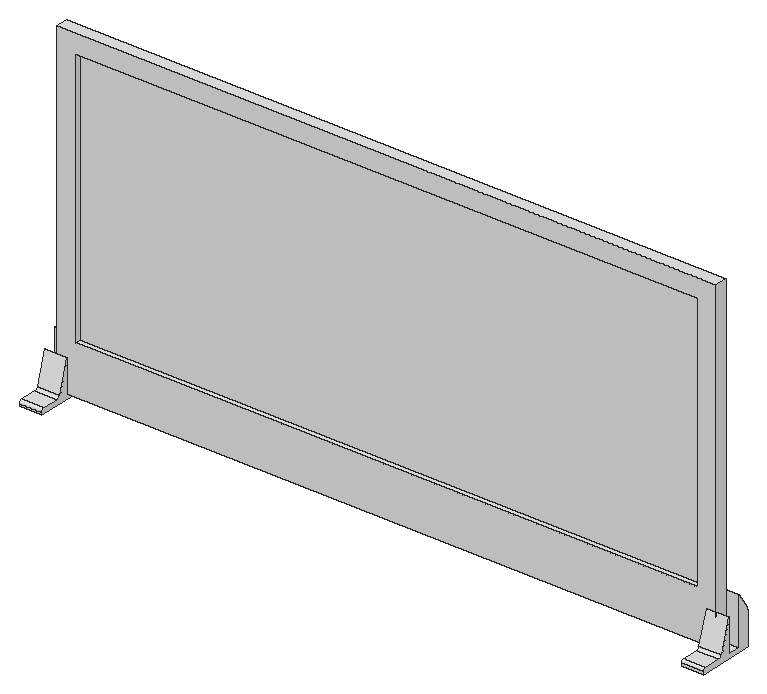
Revit family "Light_Shelf-Linear-Kawneer-InLighten", category Specialty Equipment, host Face, Revit 2015
Parameters (values of type "4mm Reynobond-ACM Panel  4 mm")
  Width [instance] = 5' - 0"
  URL = "http://www.kawneer.com/kawneer/north_america/en/home.asp"
  Type Comments = "Light Shelf 4mm Reynobond ACM Panel with a Maximum of 22 Anchors"
  Trim Finish = Aluminum Composite - Kawneer - Bone White
  Top Finish [instance] = Aluminum Composite - Kawneer - Bone White
  Show Right Anchor [instance] = 1 = 1  # yes
  Show Left Anchor [instance] = 1 = 1  # yes
  Product data url = "https://bimobject.com/kawneerna/product/04316"
  Product Page URL = "http://www.kawneer.com/kawneer/north_america/en/product.asp?cat_id=1463&prod_id=1852"
  Product Documentation Link = "http://www.kawneer.com/kawneer/north_america/catalog/pdf/InLighten__E--A.pdf"
  Panel Type = Shelf-Kawneer-4mm_Reynobond-ACM Panel : 4 mm
  Panel Finish = Aluminum Composite - Kawneer - Bone White
  Mullion Distance [instance] = 6' - 0"
  Model = "InLighten"  # constant formula
  Manufacturer = "Kawneer "  # constant formula
  Has Same Mullion Distance [instance] = yes
  Description = "Light Shelf with a Maximum of 22 Anchors"  # constant formula
  Depth [instance] = 2' - 6"
  Default Elevation = 4' - 0"
  Copyright © = "2012 Kawneer "  # constant formula
  CTRL Mullion Distance [instance] = if(Mullion Distance > 5' 0", 5' 0", Mullion Distance)  # 5' - 0"
  CTRL Anchor 21 Distance [instance] = if(CTRL Anchor Count < 23, 0' 0", if(Has Same Mullion Distance, CTRL Mullion Distance, Anchor 21 Distance))  # 0' - 0"
  CTRL Anchor 20 Distance [instance] = if(CTRL Anchor Count < 22, 0' 0", if(Has Same Mullion Distance, CTRL Mullion Distance, Anchor 20 Distance))  # 0' - 0"
  CTRL Anchor 19 Distance [instance] = if(CTRL Anchor Count < 21, 0' 0", if(Has Same Mullion Distance, CTRL Mullion Distance, Anchor 19 Distance))  # 0' - 0"
  CTRL Anchor 18 Distance [instance] = if(CTRL Anchor Count < 20, 0' 0", if(Has Same Mullion Distance, CTRL Mullion Distance, Anchor 18 Distance))  # 0' - 0"
  CTRL Anchor 17 Distance [instance] = if(CTRL Anchor Count < 19, 0' 0", if(Has Same Mullion Distance, CTRL Mullion Distance, Anchor 17 Distance))  # 0' - 0"
  CTRL Anchor 16 Distance [instance] = if(CTRL Anchor Count < 18, 0' 0", if(Has Same Mullion Distance, CTRL Mullion Distance, Anchor 16 Distance))  # 0' - 0"
  CTRL Anchor 15 Distance [instance] = if(CTRL Anchor Count < 17, 0' 0", if(Has Same Mullion Distance, CTRL Mullion Distance, Anchor 15 Distance))  # 0' - 0"
  CTRL Anchor 14 Distance [instance] = if(CTRL Anchor Count < 16, 0' 0", if(Has Same Mullion Distance, CTRL Mullion Distance, Anchor 14 Distance))  # 0' - 0"
  CTRL Anchor 13 Distance [instance] = if(CTRL Anchor Count < 15, 0' 0", if(Has Same Mullion Distance, CTRL Mullion Distance, Anchor 13 Distance))  # 0' - 0"
  CTRL Anchor 12 Distance [instance] = if(CTRL Anchor Count < 14, 0' 0", if(Has Same Mullion Distance, CTRL Mullion Distance, Anchor 12 Distance))  # 0' - 0"
  CTRL Anchor 11 Distance [instance] = if(CTRL Anchor Count < 13, 0' 0", if(Has Same Mullion Distance, CTRL Mullion Distance, Anchor 11 Distance))  # 0' - 0"
  CTRL Anchor 10 Distance [instance] = if(CTRL Anchor Count < 12, 0' 0", if(Has Same Mullion Distance, CTRL Mullion Distance, Anchor 10 Distance))  # 0' - 0"
  CTRL Anchor 09 Distance [instance] = if(CTRL Anchor Count < 11, 0' 0", if(Has Same Mullion Distance, CTRL Mullion Distance, Anchor 09 Distance))  # 0' - 0"
  CTRL Anchor 08 Distance [instance] = if(CTRL Anchor Count < 10, 0' 0", if(Has Same Mullion Distance, CTRL Mullion Distance, Anchor 08 Distance))  # 0' - 0"
  CTRL Anchor 07 Distance [instance] = if(CTRL Anchor Count < 9, 0' 0", if(Has Same Mullion Distance, CTRL Mullion Distance, Anchor 07 Distance))  # 0' - 0"
  CTRL Anchor 06 Distance [instance] = if(CTRL Anchor Count < 8, 0' 0", if(Has Same Mullion Distance, CTRL Mullion Distance, Anchor 06 Distance))  # 0' - 0"
  CTRL Anchor 05 Distance [instance] = if(CTRL Anchor Count < 7, 0' 0", if(Has Same Mullion Distance, CTRL Mullion Distance, Anchor 05 Distance))  # 0' - 0"
  CTRL Anchor 04 Distance [instance] = if(CTRL Anchor Count < 6, 0' 0", if(Has Same Mullion Distance, CTRL Mullion Distance, Anchor 04 Distance))  # 0' - 0"
  CTRL Anchor 03 Distance [instance] = if(CTRL Anchor Count < 5, 0' 0", if(Has Same Mullion Distance, CTRL Mullion Distance, Anchor 03 Distance))  # 0' - 0"
  CTRL Anchor 02 Distance [instance] = if(CTRL Anchor Count < 4, 0' 0", if(Has Same Mullion Distance, CTRL Mullion Distance, Anchor 02 Distance))  # 0' - 0"
  CTRL Anchor 01 Distance [instance] = if(CTRL Anchor Count < 3, Width, if(Has Same Mullion Distance, CTRL Mullion Distance, Anchor 01 Distance))  # 5' - 0"
  Bracket Material = Aluminum Composite - Kawneer - Bone White
  Bottom Finish [instance] = Aluminum Composite - Kawneer - Bone White
  CTRL Anchor Count [instance] = (Width / CTRL Mullion Distance) + 2  # 3
  Anchor Count [instance] = CTRL Anchor Count - 1  # 2
  Anchor 21 Distance [instance] = 0' - 0"
  Anchor 20 Distance [instance] = 0' - 0"
  Anchor 19 Distance [instance] = 0' - 0"
  Anchor 18 Distance [instance] = 0' - 0"
  Anchor 17 Distance [instance] = 0' - 0"
  Anchor 16 Distance [instance] = 0' - 0"
  Anchor 15 Distance [instance] = 0' - 0"
  Anchor 14 Distance [instance] = 0' - 0"
  Anchor 13 Distance [instance] = 0' - 0"
  Anchor 12 Distance [instance] = 0' - 0"
  Anchor 11 Distance [instance] = 0' - 0"
  Anchor 10 Distance [instance] = 0' - 0"
  Anchor 09 Distance [instance] = 0' - 0"
  Anchor 08 Distance [instance] = 0' - 0"
  Anchor 07 Distance [instance] = 0' - 0"
  Anchor 06 Distance [instance] = 0' - 0"
  Anchor 05 Distance [instance] = 0' - 0"
  Anchor 04 Distance [instance] = 0' - 0"
  Anchor 03 Distance [instance] = 0' - 0"
  Anchor 02 Distance [instance] = 0' - 0"
  Anchor 01 Distance [instance] = 2' - 5 9/16"
Reference planes (in)
  plane 1 "Center (Front/Back)": y = 0
  plane 2: z = 0
  plane 3 "Center (Left/Right)": x = 3.30772
  plane 4 "Bracket Bottom": z = 0
  plane 5 "Arm_Center-(T/B)": z = 30
  plane 6 "Left": x = -722.69228
  plane 7 "Right": x = 664.30772
  plane 8 "Bracket_Center-(L/R)-Left": x = 3.30772
  plane 9 "Bracket_Center-(L/R)-Right": x = 63.30772
  plane 10 "Bracket Set 1": x = 63.30772
  plane 11 "Bracket Set 20": x = 63.30772
  plane 12 "Bracket Set 2": x = 63.30772
  plane 13 "Bracket Set 3": x = 63.30772
  plane 14 "Bracket Set 4": x = 63.30772
  plane 15 "Bracket Set 5": x = 63.30772
  plane 16 "Bracket Set 6": x = 63.30772
  plane 17 "Bracket Set 7": x = 63.30772
  plane 18 "Bracket Set 8": x = 63.30772
  plane 19 "Bracket Set 9": x = 63.30772
  plane 20 "Bracket Set 10": x = 63.30772
  plane 21 "Bracket Set 11": x = 63.30772
  plane 22 "Bracket Set 12": x = 63.30772
  plane 23 "Bracket Set 13": x = 63.30772
  plane 24 "Bracket Set 14": x = 63.30772
  plane 25 "Bracket Set 15": x = 63.30772
  plane 26 "Bracket Set 16": x = 63.30772
  plane 27 "Bracket Set 17": x = 63.30772
  plane 28 "Bracket Set 18": x = 63.30772
  plane 29 "Bracket Set 19": x = 63.30772
  plane 30 "Bracket Set 21": x = 63.30772
  plane 31: z = 0.4519
Dimensions and locks (in)
  locked: plane 4 "Bracket Bottom" to plane 2 at 0
  "Width": plane 8 "Bracket_Center-(L/R)-Left" to plane 9 "Bracket_Center-(L/R)-Right"
  "CTRL Anchor 01 Distance": plane 8 "Bracket_Center-(L/R)-Left" to plane 10 "Bracket Set 1"
  "CTRL Anchor 02 Distance": plane 10 "Bracket Set 1" to plane 12 "Bracket Set 2"
  "CTRL Anchor 03 Distance": plane 12 "Bracket Set 2" to plane 13 "Bracket Set 3"
  "CTRL Anchor 04 Distance": plane 13 "Bracket Set 3" to plane 14 "Bracket Set 4"
  "CTRL Anchor 05 Distance": plane 14 "Bracket Set 4" to plane 15 "Bracket Set 5"
  "CTRL Anchor 06 Distance": plane 15 "Bracket Set 5" to plane 16 "Bracket Set 6"
  "CTRL Anchor 07 Distance": plane 16 "Bracket Set 6" to plane 17 "Bracket Set 7"
  "CTRL Anchor 08 Distance": plane 17 "Bracket Set 7" to plane 18 "Bracket Set 8"
  "CTRL Anchor 09 Distance": plane 18 "Bracket Set 8" to plane 19 "Bracket Set 9"
  "CTRL Anchor 10 Distance": plane 19 "Bracket Set 9" to plane 20 "Bracket Set 10"
  "CTRL Anchor 11 Distance": plane 20 "Bracket Set 10" to plane 21 "Bracket Set 11"
  "CTRL Anchor 12 Distance": plane 21 "Bracket Set 11" to plane 22 "Bracket Set 12"
  "CTRL Anchor 13 Distance": plane 22 "Bracket Set 12" to plane 23 "Bracket Set 13"
  "CTRL Anchor 14 Distance": plane 23 "Bracket Set 13" to plane 24 "Bracket Set 14"
  "CTRL Anchor 15 Distance": plane 24 "Bracket Set 14" to plane 25 "Bracket Set 15"
  "CTRL Anchor 16 Distance": plane 25 "Bracket Set 15" to plane 26 "Bracket Set 16"
  "CTRL Anchor 17 Distance": plane 26 "Bracket Set 16" to plane 27 "Bracket Set 17"
  "CTRL Anchor 18 Distance": plane 27 "Bracket Set 17" to plane 28 "Bracket Set 18"
  "CTRL Anchor 19 Distance": plane 28 "Bracket Set 18" to plane 29 "Bracket Set 19"
  "CTRL Anchor 20 Distance": plane 29 "Bracket Set 19" to plane 11 "Bracket Set 20"
  "CTRL Anchor 21 Distance": plane 11 "Bracket Set 20" to plane 30 "Bracket Set 21"
  "Depth": plane 5 "Arm_Center-(T/B)" to plane 4 "Bracket Bottom"
  locked: plane 31 to plane 4 "Bracket Bottom" at 0.4519
  aligned and locked: host face to plane 2
  aligned and locked: host face to level
  aligned and locked: plane 4 "Bracket Bottom" to nested 2
  aligned: plane 1 "Center (Front/Back)" to nested 2
  aligned and locked: nested 2 to plane 8 "Bracket_Center-(L/R)-Left"
  aligned and locked: nested 3 to plane 10 "Bracket Set 1"
  aligned and locked: nested 4 to plane 12 "Bracket Set 2"
  aligned and locked: nested 5 to plane 13 "Bracket Set 3"
  aligned and locked: nested 7 to plane 15 "Bracket Set 5"
  aligned and locked: nested 8 to plane 16 "Bracket Set 6"
  aligned and locked: nested 9 to plane 17 "Bracket Set 7"
  aligned and locked: nested 10 to plane 18 "Bracket Set 8"
  aligned and locked: nested 11 to plane 19 "Bracket Set 9"
  aligned and locked: nested 12 to plane 20 "Bracket Set 10"
  aligned and locked: nested 13 to plane 21 "Bracket Set 11"
  aligned and locked: nested 14 to plane 22 "Bracket Set 12"
  aligned and locked: nested 15 to plane 23 "Bracket Set 13"
  aligned and locked: nested 16 to plane 24 "Bracket Set 14"
  aligned and locked: nested 17 to plane 25 "Bracket Set 15"
  aligned and locked: nested 18 to plane 26 "Bracket Set 16"
  aligned and locked: nested 19 to plane 27 "Bracket Set 17"
  aligned and locked: nested 20 to plane 28 "Bracket Set 18"
  aligned and locked: nested 21 to plane 29 "Bracket Set 19"
  aligned and locked: nested 22 to plane 11 "Bracket Set 20"
  aligned and locked: plane 4 "Bracket Bottom" to nested 3
  aligned and locked: plane 4 "Bracket Bottom" to nested 4
  aligned and locked: plane 4 "Bracket Bottom" to nested 5
  aligned and locked: plane 4 "Bracket Bottom" to nested 6
  aligned and locked: plane 4 "Bracket Bottom" to nested 7
  aligned and locked: plane 4 "Bracket Bottom" to nested 8
  aligned and locked: plane 4 "Bracket Bottom" to nested 9
  aligned and locked: plane 4 "Bracket Bottom" to nested 10
  aligned and locked: plane 4 "Bracket Bottom" to nested 11
  aligned and locked: plane 4 "Bracket Bottom" to nested 12
  aligned and locked: plane 4 "Bracket Bottom" to nested 13
  aligned and locked: plane 4 "Bracket Bottom" to nested 14
  aligned and locked: plane 4 "Bracket Bottom" to nested 15
  aligned and locked: plane 4 "Bracket Bottom" to nested 16
  aligned and locked: plane 4 "Bracket Bottom" to nested 17
  aligned and locked: plane 4 "Bracket Bottom" to nested 18
  aligned and locked: plane 4 "Bracket Bottom" to nested 19
  aligned and locked: plane 4 "Bracket Bottom" to nested 20
  aligned and locked: plane 4 "Bracket Bottom" to nested 21
  aligned and locked: plane 4 "Bracket Bottom" to nested 22
  aligned and locked: nested 23 to plane 30 "Bracket Set 21"
  aligned: plane 1 "Center (Front/Back)" to nested 23
  aligned: plane 1 "Center (Front/Back)" to nested 22
  aligned: plane 1 "Center (Front/Back)" to nested 21
  aligned: plane 1 "Center (Front/Back)" to nested 20
  aligned: plane 1 "Center (Front/Back)" to nested 19
  aligned: plane 1 "Center (Front/Back)" to nested 18
  aligned: plane 1 "Center (Front/Back)" to nested 17
  aligned: plane 1 "Center (Front/Back)" to nested 16
  aligned: plane 1 "Center (Front/Back)" to nested 15
  aligned: plane 1 "Center (Front/Back)" to nested 14
  aligned: plane 3 "Center (Left/Right)" to nested 1
  aligned: plane 1 "Center (Front/Back)" to nested 1
  aligned: plane 5 "Arm_Center-(T/B)" to nested 1
  aligned and locked: plane 1 "Center (Front/Back)" to nested 23
  aligned and locked: plane 1 "Center (Front/Back)" to nested 22
  aligned and locked: plane 1 "Center (Front/Back)" to nested 21
  aligned and locked: plane 1 "Center (Front/Back)" to nested 20
  aligned and locked: plane 1 "Center (Front/Back)" to nested 19
  aligned and locked: plane 1 "Center (Front/Back)" to nested 18
  aligned and locked: plane 1 "Center (Front/Back)" to nested 17
  aligned and locked: plane 1 "Center (Front/Back)" to nested 16
  aligned and locked: plane 1 "Center (Front/Back)" to nested 15
  aligned and locked: plane 1 "Center (Front/Back)" to nested 14
  aligned and locked: plane 1 "Center (Front/Back)" to nested 13
  aligned and locked: plane 1 "Center (Front/Back)" to nested 12
  aligned and locked: plane 1 "Center (Front/Back)" to nested 11
  aligned and locked: plane 1 "Center (Front/Back)" to nested 10
  aligned and locked: plane 1 "Center (Front/Back)" to nested 9
  aligned and locked: plane 1 "Center (Front/Back)" to nested 8
  aligned and locked: plane 1 "Center (Front/Back)" to nested 7
  aligned: plane 1 "Center (Front/Back)" to nested 6
  aligned and locked: plane 1 "Center (Front/Back)" to nested 5
  aligned and locked: plane 1 "Center (Front/Back)" to nested 4
  aligned and locked: plane 1 "Center (Front/Back)" to nested 3
  aligned and locked: plane 1 "Center (Front/Back)" to nested 2
  aligned and locked: plane 31 to nested 1
  aligned: plane 8 "Bracket_Center-(L/R)-Left" to nested 1
  aligned: nested 1 to plane 10 "Bracket Set 1"
  aligned and locked: plane 30 "Bracket Set 21" to nested 43
  aligned and locked: plane 1 "Center (Front/Back)" to nested 43
  aligned and locked: plane 11 "Bracket Set 20" to nested 42
  aligned and locked: plane 1 "Center (Front/Back)" to nested 42
  aligned and locked: plane 29 "Bracket Set 19" to nested 41
  aligned and locked: plane 1 "Center (Front/Back)" to nested 41
  aligned and locked: plane 28 "Bracket Set 18" to nested 40
  aligned and locked: plane 1 "Center (Front/Back)" to nested 40
  aligned and locked: plane 27 "Bracket Set 17" to nested 39
  aligned and locked: plane 1 "Center (Front/Back)" to nested 39
  aligned and locked: plane 26 "Bracket Set 16" to nested 38
  aligned and locked: plane 1 "Center (Front/Back)" to nested 38
  aligned and locked: plane 25 "Bracket Set 15" to nested 37
  aligned and locked: plane 1 "Center (Front/Back)" to nested 37
  aligned and locked: plane 24 "Bracket Set 14" to nested 36
  aligned and locked: plane 1 "Center (Front/Back)" to nested 36
  aligned and locked: plane 23 "Bracket Set 13" to nested 35
  aligned and locked: plane 1 "Center (Front/Back)" to nested 35
  aligned and locked: plane 22 "Bracket Set 12" to nested 34
  aligned and locked: plane 1 "Center (Front/Back)" to nested 34
  aligned and locked: plane 21 "Bracket Set 11" to nested 33
  aligned and locked: plane 1 "Center (Front/Back)" to nested 33
  aligned and locked: plane 20 "Bracket Set 10" to nested 32
  aligned and locked: plane 1 "Center (Front/Back)" to nested 32
  aligned and locked: plane 19 "Bracket Set 9" to nested 31
  aligned and locked: plane 1 "Center (Front/Back)" to nested 31
  aligned and locked: plane 18 "Bracket Set 8" to nested 30
  aligned and locked: plane 1 "Center (Front/Back)" to nested 30
  aligned and locked: plane 17 "Bracket Set 7" to nested 29
  aligned and locked: plane 1 "Center (Front/Back)" to nested 29
  aligned and locked: plane 16 "Bracket Set 6" to nested 28
  aligned and locked: plane 1 "Center (Front/Back)" to nested 28
  aligned and locked: plane 15 "Bracket Set 5" to nested 27
  aligned and locked: plane 1 "Center (Front/Back)" to nested 27
  aligned and locked: plane 14 "Bracket Set 4" to nested 26
  aligned and locked: plane 1 "Center (Front/Back)" to nested 26
  aligned and locked: plane 13 "Bracket Set 3" to nested 25
  aligned and locked: plane 1 "Center (Front/Back)" to nested 25
  aligned and locked: plane 12 "Bracket Set 2" to nested 24
  aligned and locked: plane 1 "Center (Front/Back)" to nested 24
  aligned and locked: plane 10 "Bracket Set 1" to nested 1
  aligned and locked: plane 1 "Center (Front/Back)" to nested 1
  aligned and locked: nested 6 to plane 14 "Bracket Set 4"
  aligned and locked: plane 1 "Center (Front/Back)" to nested 6
  aligned and locked: plane 3 "Center (Left/Right)" to plane 8 "Bracket_Center-(L/R)-Left"
Automatic sketch dimensions
  host sketch curve to host sketch curve = 6' - 5.20427"
  host sketch curve to host sketch curve = 8' - 0"
Nested families (in)
  nested 1: "Shelf-Kawneer-4mm_Reynobond-ACM Panel" at (33.30772, 0, 0.4519), Height <- "Depth", Width <- "CTRL Anchor 01 Distance", type <- "Panel Type", type "4 mm"
    with Width 5' - 0", Height 2' - 6", CTRL Width 4' - 11 3/4", CTRL Panel Visibility yes, CTRL Height 2' - 5 9/16"
  nested 2: "Bracket-Kawnee" at (3.30772, -0.875, 0), visible <- "Show Left Anchor", type "Single"
    with Height 0' - 5"
  nested 3: "Bracket-Kawnee" at (63.30772, -0.875, 0), type "Single"
    with Height 0' - 5"
  nested 4: "Bracket-Kawnee" at (63.30772, -0.875, 0), type "Single"
    with Height 0' - 5"
  nested 5: "Bracket-Kawnee" at (63.30772, -0.875, 0), type "Single"
    with Height 0' - 5"
  nested 6: "Bracket-Kawnee" at (63.30772, -0.875, 0), type "Single"
    with Height 0' - 5"
  nested 7: "Bracket-Kawnee" at (63.30772, -0.875, 0), type "Single"
    with Height 0' - 5"
  nested 8: "Bracket-Kawnee" at (63.30772, -0.875, 0), type "Single"
    with Height 0' - 5"
  nested 9: "Bracket-Kawnee" at (63.30772, -0.875, 0), type "Single"
    with Height 0' - 5"
  nested 10: "Bracket-Kawnee" at (63.30772, -0.875, 0), type "Single"
    with Height 0' - 5"
  nested 11: "Bracket-Kawnee" at (63.30772, -0.875, 0), type "Single"
    with Height 0' - 5"
  nested 12: "Bracket-Kawnee" at (63.30772, -0.875, 0), type "Single"
    with Height 0' - 5"
  nested 13: "Bracket-Kawnee" at (63.30772, -0.875, 0), type "Single"
    with Height 0' - 5"
  nested 14: "Bracket-Kawnee" at (63.30772, -0.875, 0), type "Single"
    with Height 0' - 5"
  nested 15: "Bracket-Kawnee" at (63.30772, -0.875, 0), type "Single"
    with Height 0' - 5"
  nested 16: "Bracket-Kawnee" at (63.30772, -0.875, 0), type "Single"
    with Height 0' - 5"
  nested 17: "Bracket-Kawnee" at (63.30772, -0.875, 0), type "Single"
    with Height 0' - 5"
  nested 18: "Bracket-Kawnee" at (63.30772, -0.875, 0), type "Single"
    with Height 0' - 5"
  nested 19: "Bracket-Kawnee" at (63.30772, -0.875, 0), type "Single"
    with Height 0' - 5"
  nested 20: "Bracket-Kawnee" at (63.30772, -0.875, 0), type "Single"
    with Height 0' - 5"
  nested 21: "Bracket-Kawnee" at (63.30772, -0.875, 0), type "Single"
    with Height 0' - 5"
  nested 22: "Bracket-Kawnee" at (63.30772, -0.875, 0), type "Single"
    with Height 0' - 5"
  nested 23: "Bracket-Kawnee" at (63.30772, -0.875, 0), visible <- "Show Right Anchor", type "Single"
    with Height 0' - 5"
  nested 24: "Shelf-Kawneer-16mm_Multi-Layer-Extruded-Polycarbonate-Sheet" at (61.43272, 0, 0.4519), Height <- "Depth", Width <- "CTRL Anchor 02 Distance", type "16 mm"
    with Width 0' - 0", Height 2' - 6", CTRL Width 0' - 3 1/2", CTRL Panel Visibility no, CTRL Height 2' - 5 9/16"
  nested 25: "Shelf-Kawneer-16mm_Multi-Layer-Extruded-Polycarbonate-Sheet" at (61.43272, 0, 0.4519), Height <- "Depth", Width <- "CTRL Anchor 03 Distance", type "16 mm"
    with Width 0' - 0", Height 2' - 6", CTRL Width 0' - 3 1/2", CTRL Panel Visibility no, CTRL Height 2' - 5 9/16"
  nested 26: "Shelf-Kawneer-16mm_Multi-Layer-Extruded-Polycarbonate-Sheet" at (61.43272, 0, 0.4519), Height <- "Depth", Width <- "CTRL Anchor 04 Distance", type "16 mm"
    with Width 0' - 0", Height 2' - 6", CTRL Width 0' - 3 1/2", CTRL Panel Visibility no, CTRL Height 2' - 5 9/16"
  nested 27: "Shelf-Kawneer-16mm_Multi-Layer-Extruded-Polycarbonate-Sheet" at (61.43272, 0, 0.4519), Height <- "Depth", Width <- "CTRL Anchor 05 Distance", type "16 mm"
    with Width 0' - 0", Height 2' - 6", CTRL Width 0' - 3 1/2", CTRL Panel Visibility no, CTRL Height 2' - 5 9/16"
  nested 28: "Shelf-Kawneer-16mm_Multi-Layer-Extruded-Polycarbonate-Sheet" at (61.43272, 0, 0.4519), Height <- "Depth", Width <- "CTRL Anchor 06 Distance", type "16 mm"
    with Width 0' - 0", Height 2' - 6", CTRL Width 0' - 3 1/2", CTRL Panel Visibility no, CTRL Height 2' - 5 9/16"
  nested 29: "Shelf-Kawneer-16mm_Multi-Layer-Extruded-Polycarbonate-Sheet" at (61.43272, 0, 0.4519), Height <- "Depth", Width <- "CTRL Anchor 07 Distance", type "16 mm"
    with Width 0' - 0", Height 2' - 6", CTRL Width 0' - 3 1/2", CTRL Panel Visibility no, CTRL Height 2' - 5 9/16"
  nested 30: "Shelf-Kawneer-16mm_Multi-Layer-Extruded-Polycarbonate-Sheet" at (61.43272, 0, 0.4519), Height <- "Depth", Width <- "CTRL Anchor 08 Distance", type "16 mm"
    with Width 0' - 0", Height 2' - 6", CTRL Width 0' - 3 1/2", CTRL Panel Visibility no, CTRL Height 2' - 5 9/16"
  nested 31: "Shelf-Kawneer-16mm_Multi-Layer-Extruded-Polycarbonate-Sheet" at (61.43272, 0, 0.4519), Height <- "Depth", Width <- "CTRL Anchor 09 Distance", type "16 mm"
    with Width 0' - 0", Height 2' - 6", CTRL Width 0' - 3 1/2", CTRL Panel Visibility no, CTRL Height 2' - 5 9/16"
  nested 32: "Shelf-Kawneer-16mm_Multi-Layer-Extruded-Polycarbonate-Sheet" at (61.43272, 0, 0.4519), Height <- "Depth", Width <- "CTRL Anchor 10 Distance", type "16 mm"
    with Width 0' - 0", Height 2' - 6", CTRL Width 0' - 3 1/2", CTRL Panel Visibility no, CTRL Height 2' - 5 9/16"
  nested 33: "Shelf-Kawneer-16mm_Multi-Layer-Extruded-Polycarbonate-Sheet" at (61.43272, 0, 0.4519), Height <- "Depth", Width <- "CTRL Anchor 11 Distance", type "16 mm"
    with Width 0' - 0", Height 2' - 6", CTRL Width 0' - 3 1/2", CTRL Panel Visibility no, CTRL Height 2' - 5 9/16"
  nested 34: "Shelf-Kawneer-16mm_Multi-Layer-Extruded-Polycarbonate-Sheet" at (61.43272, 0, 0.4519), Height <- "Depth", Width <- "CTRL Anchor 12 Distance", type "16 mm"
    with Width 0' - 0", Height 2' - 6", CTRL Width 0' - 3 1/2", CTRL Panel Visibility no, CTRL Height 2' - 5 9/16"
  nested 35: "Shelf-Kawneer-16mm_Multi-Layer-Extruded-Polycarbonate-Sheet" at (61.43272, 0, 0.4519), Height <- "Depth", Width <- "CTRL Anchor 13 Distance", type "16 mm"
    with Width 0' - 0", Height 2' - 6", CTRL Width 0' - 3 1/2", CTRL Panel Visibility no, CTRL Height 2' - 5 9/16"
  nested 36: "Shelf-Kawneer-16mm_Multi-Layer-Extruded-Polycarbonate-Sheet" at (61.43272, 0, 0.4519), Height <- "Depth", Width <- "CTRL Anchor 14 Distance", type "16 mm"
    with Width 0' - 0", Height 2' - 6", CTRL Width 0' - 3 1/2", CTRL Panel Visibility no, CTRL Height 2' - 5 9/16"
  nested 37: "Shelf-Kawneer-16mm_Multi-Layer-Extruded-Polycarbonate-Sheet" at (61.43272, 0, 0.4519), Height <- "Depth", Width <- "CTRL Anchor 15 Distance", type "16 mm"
    with Width 0' - 0", Height 2' - 6", CTRL Width 0' - 3 1/2", CTRL Panel Visibility no, CTRL Height 2' - 5 9/16"
  nested 38: "Shelf-Kawneer-16mm_Multi-Layer-Extruded-Polycarbonate-Sheet" at (61.43272, 0, 0.4519), Height <- "Depth", Width <- "CTRL Anchor 16 Distance", type "16 mm"
    with Width 0' - 0", Height 2' - 6", CTRL Width 0' - 3 1/2", CTRL Panel Visibility no, CTRL Height 2' - 5 9/16"
  nested 39: "Shelf-Kawneer-16mm_Multi-Layer-Extruded-Polycarbonate-Sheet" at (61.43272, 0, 0.4519), Height <- "Depth", Width <- "CTRL Anchor 17 Distance", type "16 mm"
    with Width 0' - 0", Height 2' - 6", CTRL Width 0' - 3 1/2", CTRL Panel Visibility no, CTRL Height 2' - 5 9/16"
  nested 40: "Shelf-Kawneer-16mm_Multi-Layer-Extruded-Polycarbonate-Sheet" at (61.43272, 0, 0.4519), Height <- "Depth", Width <- "CTRL Anchor 18 Distance", type "16 mm"
    with Width 0' - 0", Height 2' - 6", CTRL Width 0' - 3 1/2", CTRL Panel Visibility no, CTRL Height 2' - 5 9/16"
  nested 41: "Shelf-Kawneer-16mm_Multi-Layer-Extruded-Polycarbonate-Sheet" at (61.43272, 0, 0.4519), Height <- "Depth", Width <- "CTRL Anchor 19 Distance", type "16 mm"
    with Width 0' - 0", Height 2' - 6", CTRL Width 0' - 3 1/2", CTRL Panel Visibility no, CTRL Height 2' - 5 9/16"
  nested 42: "Shelf-Kawneer-16mm_Multi-Layer-Extruded-Polycarbonate-Sheet" at (61.43272, 0, 0.4519), Height <- "Depth", Width <- "CTRL Anchor 20 Distance", type "16 mm"
    with Width 0' - 0", Height 2' - 6", CTRL Width 0' - 3 1/2", CTRL Panel Visibility no, CTRL Height 2' - 5 9/16"
  nested 43: "Shelf-Kawneer-16mm_Multi-Layer-Extruded-Polycarbonate-Sheet" at (61.43272, 0, 0.4519), Height <- "Depth", Width <- "CTRL Anchor 21 Distance", type "16 mm"
    with Width 0' - 0", Height 2' - 6", CTRL Width 0' - 3 1/2", CTRL Panel Visibility no, CTRL Height 2' - 5 9/16"
Definition of nested family "Shelf-Kawneer-4mm_Reynobond-ACM Panel"
  Parameters
    Width [instance] = 2' - 6"
    Top Shelf Material = none
    Thickness = 0' - 1 23/256"  # constant formula
    Shelf Casing Material = none
    Height [instance] = 2' - 6"
    Shelf Thickness = 0' - 0 5/32"
    CTRL Panel Visibility [instance] = Width > 0' 3 1/2"  # yes
    Bottom Shelf Materials = none
    CTRL Width [instance] = if(Width > 5' 0", 5' 0", if(Width < 0' 3 1/2", 0' 3 1/2", Width - 0' 0 1/4"))  # 2' - 5 3/4"
    CTRL Height [instance] = if(Height > 2' 6", 2' 6" - 0' 0 7/16", if(Height < 0' 10", 0' 10" - 0' 0 7/16", Height - 0' 0 7/16"))  # 2' - 5 9/16"
  Reference planes (in)
    plane 1 "Center (Front/Back)": y = 0
    plane 2 "Original Bottom": z = 0
    plane 3 "Center (Left/Right)": x = 0
    plane 4 "Left 1": x = -14.875
    plane 5 "Right 1": x = 14.875
    plane 6 "Front": y = -0.54492
    plane 7 "Back": y = 0.54492
    plane 8 "Top": z = 29.5625
    plane 9 "Bottom": z = 15
    plane 10 "Back of Fascia": z = 27.9155
    plane 11 "Front of Hinge": z = 4.4472
    plane 12 "Left of Right Outrigger": x = 13.228
    plane 13 "Right of Left Outrigger": x = -13.228
    plane 14 "Front of Shelf": y = -0.07813
    plane 15 "Back of Shelf": y = 0.07812
    plane 16 "Left": x = -15
    plane 17 "Right": x = 15
  Forms (in)
    Extrusion 1, solid, material <- "Shelf Casing Material", visible <- "CTRL Panel Visibility", detail levels medium+fine
      sketch origin (0, -0.54492, 0) x (-1, 0, 0) y (0, 0, 1)
        loop
          line (-14.875, 29.5625) -> (-14.875, 0) -> (14.875, 0) -> (14.875, 29.5625) -> (-14.875, 29.5625)
        loop
          line (-13.228, 27.9155) -> (-13.228, 4.4472) -> (13.228, 4.4472) -> (13.228, 27.9155) -> (-13.228, 27.9155)
      from 0 to 1.08984
    Extrusion 2, solid, material <- "Top Shelf Material", visible <- "CTRL Panel Visibility", detail levels medium+fine
      sketch origin (0, -0.54492, 0) x (-1, 0, 0) y (0, 0, 1)
        loop
          line (-13.228, 27.9155) -> (-13.228, 4.4472) -> (13.228, 4.4472) -> (13.228, 27.9155) -> (-13.228, 27.9155)
      from 0.4668 to 0.54492
    Extrusion 3, solid, material <- "Bottom Shelf Materials", visible <- "CTRL Panel Visibility", detail levels medium+fine
      sketch origin (0, -0.54492, 0) x (-1, 0, 0) y (0, 0, 1)
        loop
          line (-13.228, 27.9155) -> (-13.228, 4.4472) -> (13.228, 4.4472) -> (13.228, 27.9155) -> (-13.228, 27.9155)
      from 0.54492 to 0.62305
  Lines and regions (in)
    Masking region 1, visible <- "CTRL Panel Visibility"
      outline origin (0, 0, 0) x (0, 1, 0) y (0, 0, 1)
        loop
          line (0.54492, 29.5625) -> (-0.54492, 29.5625) -> (-0.54492, 0) -> (0.54492, 0) -> (0.54492, 29.5625)
    Masking region 2, visible <- "CTRL Panel Visibility"
      outline origin (0, 0, 0) x (1, 0, 0) y (0, 1, 0)
        loop
          line (14.875, 0.54492) -> (-14.875, 0.54492) -> (-14.875, -0.54492) -> (14.875, -0.54492) -> (14.875, 0.54492)
    Masking region 3, visible <- "CTRL Panel Visibility"
      outline origin (0, 0, 0) x (1, 0, 0) y (0, 0, 1)
        loop
          line (14.875, 29.5625) -> (-14.875, 29.5625) -> (-14.875, 0) -> (14.875, 0) -> (14.875, 29.5625)
    Masking region 4, visible <- "CTRL Panel Visibility"
      outline origin (14.875, 0, 0) x (0, -1, 0) y (0, 0, 1)
        loop
          line (-0.54492, 29.5625) -> (-0.54492, 0) -> (0.54492, 0) -> (0.54492, 29.5625) -> (-0.54492, 29.5625)
    Masking region 5, visible <- "CTRL Panel Visibility", detail levels medium+fine
      outline origin (14.875, 0, 0) x (0, -1, 0) y (0, 0, 1)
        loop
          line (-0.07812, 27.9155) -> (-0.07812, 4.4472) -> (0.07813, 4.4472) -> (0.07813, 27.9155) -> (-0.07812, 27.9155)
    symbolic lines, visible <- "CTRL Panel Visibility"
      curve 1: line (0, 0.54492, 29.5625) -> (0, -0.54492, 29.5625)
      curve 2: line (0, -0.54492, 29.5625) -> (0, -0.54492, 0)
      curve 3: line (0, -0.54492, 0) -> (0, 0.54492, 0)
      curve 4: line (0, 0.54492, 0) -> (0, 0.54492, 29.5625)
      curve 5: line (-14.875, 0.54492, 29.5625) -> (-14.875, -0.54492, 29.5625)
      curve 6: line (-14.875, -0.54492, 29.5625) -> (-14.875, -0.54492, 0)
      curve 7: line (-14.875, -0.54492, 0) -> (-14.875, 0.54492, 0)
      curve 8: line (-14.875, 0.54492, 0) -> (-14.875, 0.54492, 29.5625)
      curve 10: line (14.875, 0.54492, 29.5625) -> (-14.875, 0.54492, 29.5625)
      curve 11: line (14.875, -0.54492, 29.5625) -> (14.875, 0.54492, 29.5625)
      curve 12: line (-14.875, -0.54492, 29.5625) -> (14.875, -0.54492, 29.5625)
      curve 13: line (-14.875, 0.54492, 29.5625) -> (-14.875, -0.54492, 29.5625)
      curve 14: line (13.228, -0.54492, 29.5625) -> (-13.228, -0.54492, 29.5625)
    symbolic lines, visible <- "CTRL Panel Visibility", detail levels coarse
      curve 9: line (-14.875, 0, 15) -> (14.875, 0, 15)
    symbolic lines, visible <- "CTRL Panel Visibility", detail levels medium+fine
      curve 15: line (13.228, -0.54492, 0) -> (13.228, -0.54492, 27.9155)
      curve 16: line (-13.228, -0.54492, 27.9155) -> (-13.228, -0.54492, 0)
      curve 17: line (-13.228, -0.54492, 27.9155) -> (13.228, -0.54492, 27.9155)
      curve 18: line (-13.228, -0.54492, 4.4472) -> (13.228, -0.54492, 4.4472)
    symbolic lines, visible <- "CTRL Panel Visibility", detail levels fine
      curve 19: line (14.875, -0.54492, 27.9155) -> (14.875, 0.54492, 27.9155)
      curve 20: line (14.875, -0.54492, 4.4472) -> (14.875, 0.54492, 4.4472)
      curve 41: line (13.228, -0.54492, 27.9155) -> (14.875, -0.54492, 29.5625)
      curve 42: line (-13.228, -0.54492, 27.9155) -> (-14.875, -0.54492, 29.5625)
      curve 43: line (-13.228, 0.54492, 27.9155) -> (-14.875, 0.54492, 29.5625)
      curve 44: line (13.228, 0.54492, 27.9155) -> (14.875, 0.54492, 29.5625)
    model lines, visible <- "CTRL Panel Visibility", detail levels medium+fine
      curve 21: line (-13.228, 0.54492, 27.9155) -> (-13.228, 0.54492, 0)
      curve 22: line (13.228, -0.54492, 27.9155) -> (13.228, -0.54492, 0)
      curve 23: line (-13.228, -0.54492, 27.9155) -> (-13.228, -0.54492, 0)
      curve 24: line (13.228, 0.54492, 27.9155) -> (13.228, 0.54492, 0)
    model lines, visible <- "CTRL Panel Visibility", detail levels coarse
      curve 25: line (14.875, 0.54492, 29.5625) -> (-14.875, 0.54492, 29.5625)
      curve 26: line (14.875, 0.54492, 0) -> (14.875, 0.54492, 29.5625)
      curve 27: line (-14.875, 0.54492, 0) -> (14.875, 0.54492, 0)
      curve 28: line (-14.875, 0.54492, 29.5625) -> (-14.875, 0.54492, 0)
      curve 29: line (14.875, -0.54492, 29.5625) -> (-14.875, -0.54492, 29.5625)
      curve 30: line (14.875, -0.54492, 0) -> (14.875, -0.54492, 29.5625)
      curve 31: line (-14.875, -0.54492, 0) -> (14.875, -0.54492, 0)
      curve 32: line (-14.875, -0.54492, 29.5625) -> (-14.875, -0.54492, 0)
      curve 33: line (13.228, 0.07812, 27.9155) -> (-13.228, 0.07812, 27.9155)
      curve 34: line (13.228, 0.07812, 4.4472) -> (13.228, 0.07812, 27.9155)
      curve 35: line (-13.228, 0.07812, 4.4472) -> (13.228, 0.07812, 4.4472)
      curve 36: line (-13.228, 0.07812, 27.9155) -> (-13.228, 0.07812, 4.4472)
      curve 37: line (13.228, -0.07813, 27.9155) -> (-13.228, -0.07813, 27.9155)
      curve 38: line (13.228, -0.07813, 4.4472) -> (13.228, -0.07813, 27.9155)
      curve 39: line (-13.228, -0.07813, 4.4472) -> (13.228, -0.07813, 4.4472)
      curve 40: line (-13.228, -0.07813, 27.9155) -> (-13.228, -0.07813, 4.4472)
    model lines, visible <- "CTRL Panel Visibility", detail levels fine
      curve 45: line (-14.875, 0.54492, 29.5625) -> (-13.228, 0.54492, 27.9155)
      curve 46: line (-14.875, -0.54492, 29.5625) -> (-13.228, -0.54492, 27.9155)
      curve 47: line (13.228, -0.54492, 27.9155) -> (14.875, -0.54492, 29.5625)
      curve 48: line (13.228, 0.54492, 27.9155) -> (14.875, 0.54492, 29.5625)
    model lines, detail levels coarse
      curve 49: line (14.875, 0.54492, 0) -> (-14.875, 0.54492, 0)
      curve 50: line (14.875, -0.54492, 0) -> (14.875, 0.54492, 0)
      curve 51: line (-14.875, -0.54492, 0) -> (14.875, -0.54492, 0)
      curve 52: line (-14.875, 0.54492, 0) -> (-14.875, -0.54492, 0)
      curve 53: line (14.875, 0.54492, 29.5625) -> (-14.875, 0.54492, 29.5625)
      curve 54: line (14.875, -0.54492, 29.5625) -> (14.875, 0.54492, 29.5625)
      curve 55: line (-14.875, -0.54492, 29.5625) -> (14.875, -0.54492, 29.5625)
      curve 56: line (-14.875, 0.54492, 29.5625) -> (-14.875, -0.54492, 29.5625)
      curve 57: line (13.228, 0.07812, 27.9155) -> (-13.228, 0.07812, 27.9155)
      curve 58: line (13.228, -0.07813, 27.9155) -> (13.228, 0.07812, 27.9155)
      curve 59: line (-13.228, -0.07813, 27.9155) -> (13.228, -0.07813, 27.9155)
      curve 60: line (-13.228, 0.07812, 27.9155) -> (-13.228, -0.07813, 27.9155)
      curve 61: line (13.228, 0.07812, 4.4472) -> (-13.228, 0.07812, 4.4472)
      curve 62: line (13.228, -0.07813, 4.4472) -> (13.228, 0.07812, 4.4472)
      curve 63: line (-13.228, -0.07813, 4.4472) -> (13.228, -0.07813, 4.4472)
      curve 64: line (-13.228, 0.07812, 4.4472) -> (-13.228, -0.07813, 4.4472)
    symbolic lines, detail levels medium+fine
      curve 65: line (-13.228, 0.54492, 0) -> (-13.228, 0.54492, 27.9155)
      curve 66: line (-13.228, 0.54492, 27.9155) -> (13.228, 0.54492, 27.9155)
      curve 67: line (13.228, 0.54492, 27.9155) -> (13.228, 0.54492, 0)
  Dimensions and locks (in)
    "CTRL Width": plane 4 "Left 1" to plane 5 "Right 1"
    equal spacing: plane 4 "Left 1", plane 3 "Center (Left/Right)", plane 5 "Right 1"
    equal spacing: plane 6 "Front", plane 1 "Center (Front/Back)", plane 7 "Back"  (x2)
    "CTRL Height": plane 8 "Top" to plane 2 "Original Bottom"
    "Thickness": plane 6 "Front" to plane 7 "Back"
    "Shelf Thickness": plane 14 "Front of Shelf" to plane 15 "Back of Shelf"
    equal spacing: plane 14 "Front of Shelf", plane 1 "Center (Front/Back)", plane 15 "Back of Shelf"
    locked: plane 11 "Front of Hinge" to plane 2 "Original Bottom" at 4.4472
    locked: plane 8 "Top" to plane 10 "Back of Fascia" at 1.647
    locked: plane 5 "Right 1" to plane 12 "Left of Right Outrigger" at 1.647
    locked: plane 4 "Left 1" to plane 13 "Right of Left Outrigger" at 1.647
    locked: plane 16 "Left" to plane 4 "Left 1" at 0.125
    locked: plane 17 "Right" to plane 5 "Right 1" at 0.125
    aligned and locked: curve 1 to Masking region 1
    aligned and locked: curve 2 to Masking region 1
    aligned and locked: curve 3 to Masking region 1
    aligned and locked: curve 4 to Masking region 1
    aligned and locked: curve 5 to curve 1
    aligned and locked: curve 6 to curve 2
    aligned and locked: curve 7 to curve 3
    aligned and locked: curve 8 to curve 4
    aligned and locked: plane 1 "Center (Front/Back)" to curve 9
    aligned and locked: plane 5 "Right 1" to Masking region 2 sketch curve
    aligned and locked: plane 4 "Left 1" to Masking region 2 sketch curve
    aligned and locked: Masking region 2 sketch curve to plane 7 "Back"
    aligned and locked: Masking region 2 sketch curve to plane 6 "Front"
    aligned and locked: plane 5 "Right 1" to Masking region 3 sketch curve
    aligned and locked: plane 4 "Left 1" to Masking region 3 sketch curve
    aligned and locked: plane 8 "Top" to Masking region 3 sketch curve
    aligned and locked: Masking region 3 sketch curve to plane 2 "Original Bottom"
    aligned and locked: plane 8 "Top" to curve 14
    aligned and locked: plane 8 "Top" to Extrusion 1 sketch curve
    aligned and locked: plane 5 "Right 1" to Extrusion 1 sketch curve
    aligned and locked: plane 12 "Left of Right Outrigger" to Extrusion 1 sketch curve
    aligned and locked: Extrusion 1 sketch curve to plane 11 "Front of Hinge"
    aligned and locked: Extrusion 1 sketch curve to plane 13 "Right of Left Outrigger"
    aligned and locked: plane 10 "Back of Fascia" to Extrusion 1 sketch curve
    aligned and locked: plane 4 "Left 1" to Extrusion 1 sketch curve
    aligned and locked: Extrusion 1 sketch curve to plane 2 "Original Bottom"
    aligned and locked: Extrusion 1 to plane 6 "Front"
    aligned and locked: Extrusion 1 to plane 7 "Back"
    aligned and locked: plane 10 "Back of Fascia" to Extrusion 2 sketch curve
    aligned and locked: plane 12 "Left of Right Outrigger" to Extrusion 2 sketch curve
    aligned and locked: Extrusion 2 sketch curve to plane 11 "Front of Hinge"
    aligned and locked: Extrusion 2 sketch curve to plane 13 "Right of Left Outrigger"
    aligned and locked: Extrusion 2 to plane 14 "Front of Shelf"
    aligned: plane 15 "Back of Shelf" to Extrusion 2
    aligned and locked: curve 16 to plane 13 "Right of Left Outrigger"
    aligned and locked: curve 18 to plane 11 "Front of Hinge"
    aligned and locked: plane 2 "Original Bottom" to Masking region 4 sketch curve
    aligned and locked: Masking region 4 sketch curve to plane 8 "Top"
    aligned and locked: plane 7 "Back" to Masking region 4 sketch curve
    aligned and locked: plane 6 "Front" to Masking region 4 sketch curve
    aligned and locked: plane 11 "Front of Hinge" to Masking region 5 sketch curve
    aligned and locked: Masking region 5 sketch curve to plane 10 "Back of Fascia"
    aligned and locked: Masking region 5 sketch curve to plane 15 "Back of Shelf"
    aligned and locked: plane 14 "Front of Shelf" to Masking region 5 sketch curve
    aligned and locked: curve 20 to plane 11 "Front of Hinge"
    aligned and locked: curve 19 to plane 10 "Back of Fascia"
    aligned and locked: curve 22 to plane 12 "Left of Right Outrigger"
    aligned and locked: curve 21 to plane 13 "Right of Left Outrigger"
    aligned and locked: plane 8 "Top" to curve 25
    aligned and locked: plane 5 "Right 1" to curve 26
    aligned and locked: plane 4 "Left 1" to curve 28
    aligned and locked: curve 27 to plane 2 "Original Bottom"
    aligned and locked: curve 31 to plane 2 "Original Bottom"
    aligned and locked: plane 5 "Right 1" to curve 30
    aligned and locked: plane 10 "Back of Fascia" to curve 33
    aligned and locked: curve 35 to plane 11 "Front of Hinge"
    aligned and locked: plane 12 "Left of Right Outrigger" to curve 34
    aligned and locked: curve 36 to plane 13 "Right of Left Outrigger"
    aligned and locked: plane 10 "Back of Fascia" to curve 37
    aligned and locked: plane 12 "Left of Right Outrigger" to curve 38
    aligned and locked: curve 39 to plane 11 "Front of Hinge"
    aligned and locked: curve 40 to plane 13 "Right of Left Outrigger"
    aligned and locked: Extrusion 2 to plane 1 "Center (Front/Back)"
    aligned and locked: plane 10 "Back of Fascia" to Extrusion 3 sketch curve
    aligned and locked: plane 12 "Left of Right Outrigger" to Extrusion 3 sketch curve
    aligned and locked: Extrusion 3 sketch curve to plane 11 "Front of Hinge"
    aligned and locked: Extrusion 3 sketch curve to plane 13 "Right of Left Outrigger"
    aligned and locked: plane 1 "Center (Front/Back)" to Extrusion 3
    aligned and locked: plane 15 "Back of Shelf" to Extrusion 3
    aligned and locked: plane 5 "Right 1" to curve 41
    aligned and locked: plane 8 "Top" to curve 41
    aligned and locked: plane 10 "Back of Fascia" to curve 41
    aligned and locked: plane 10 "Back of Fascia" to curve 42
    aligned and locked: plane 4 "Left 1" to curve 42
    aligned and locked: plane 8 "Top" to curve 32
    aligned and locked: plane 4 "Left 1" to curve 56
    aligned and locked: plane 5 "Right 1" to curve 54
    aligned and locked: curve 53 to plane 7 "Back"
    aligned and locked: curve 55 to plane 6 "Front"
    aligned and locked: curve 60 to plane 13 "Right of Left Outrigger"
    aligned and locked: plane 12 "Left of Right Outrigger" to curve 58
    aligned and locked: plane 15 "Back of Shelf" to curve 57
    aligned and locked: curve 59 to plane 14 "Front of Shelf"
    aligned and locked: curve 64 to plane 13 "Right of Left Outrigger"
    aligned and locked: plane 12 "Left of Right Outrigger" to curve 62
    aligned and locked: curve 63 to plane 14 "Front of Shelf"
    aligned and locked: plane 15 "Back of Shelf" to curve 61
    aligned and locked: plane 13 "Right of Left Outrigger" to curve 65
    aligned and locked: curve 66 to curve 33
    aligned and locked: curve 67 to plane 12 "Left of Right Outrigger"
  Automatic sketch dimensions
    Masking region 1 sketch curve to plane 6 "Front" = 0' - 0"
    Masking region 1 sketch curve to level = 0' - 0"
    Masking region 1 sketch curve to plane 7 "Back" = 0' - 0"
    Masking region 1 sketch curve to plane 8 "Top" = 0' - 0"
    curve 19 to plane 7 "Back" = 0' - 0"
    curve 20 to plane 7 "Back" = 0' - 0"
    curve 20 to plane 6 "Front" = 0' - 0"
    curve 19 to plane 6 "Front" = 0' - 0"
    curve 14 to plane 8 "Top" = 0' - 0"
    curve 14 to plane 12 "Left of Right Outrigger" = 0' - 0"
    curve 14 to plane 13 "Right of Left Outrigger" = 0' - 0"
    curve 9 to plane 4 "Left 1" = 0' - 0"
    curve 9 to plane 5 "Right 1" = 0' - 0"
    curve 52 to plane 4 "Left 1" = 0' - 0"
    curve 50 to plane 5 "Right 1" = 0' - 0"
    curve 52 to plane 6 "Front" = 0' - 0"
    plane 7 "Back" to curve 50 = 0' - 0"
Definition of nested family "Bracket-Kawnee"
  Parameters
    Width = 0' - 5"
    Thickness = 0' - 2"
    Height = 2' - 6"
    Default Elevation = 4' - 0"
    Assembly Code = ""
    Anchor Material = none
  Reference planes (in)
    plane 1 "Center (Front/Back)": y = 0
    plane 2 "Original Bottom": z = 0
    plane 3 "Center (Left/Right)": x = 0
    plane 4 "Left": x = -1
    plane 5 "Right": x = 1
    plane 6 "Front": y = -2.5
    plane 7 "Back": y = 2.5
    plane 8 "Top of Anchor": z = 5
    plane 9 "Bottom": z = 0
    plane 10 "Symbolic Line": z = 3.3966
    plane 11 "Top of Anchor Bolts": z = 0.4519
    plane 12 "Right of Shelf": y = 1.432
    plane 13 "Left of Shelf": y = 0.318
    plane 14 "Front Symbolic Line": y = -0.50177
    plane 15 "Center of Blade": y = 0.875
    plane 16 "Top": z = 30
  Forms (in)
    Sweep 1, solid, material <- "Anchor Material", detail levels medium+fine
      path origin (1.5, 2.5, -0.04476) x (-1, 0, 0) y (0, 0, 1)
        loop
          line (0.5, 5.45984) -> (2.5, 5.45984)
      profile origin (0, 2.5, 5.41509) x (0, 0, -1) y (0, -1, 0)
        loop
          line (5.41509, 5) -> (5.21319, 5)
          arc (5.21319, 5) -> (5.03641, 4.92678) -> (4.96319, 4.75) r 0.25
          line (4.96319, 4.75) -> (4.96319, 4.42752) -> (4.96319, 3.32766) -> (4.96319, 3.25)
          arc (4.96319, 3.25) -> (4.90016, 3.08404) -> (4.74285, 3.00177) r 0.25
          line (4.74285, 3.00177) -> (2.01849, 2.182) -> (4.96319, 2.182) -> (4.96319, 1.068) -> (0.67391, 1.068) -> (2.02187, 0.15446)
          arc (2.02187, 0.15446) -> (2.2619, 0.03948) -> (2.52511, 0) r 0.897
          line (2.52511, 0) -> (5.41509, 0) -> (5.41509, 5)
  Lines and regions (in)
    Masking region 1
      outline origin (0, 2.5, 0) x (-1, 0, 0) y (0, 0, 1)
        loop
          line (-1, 5) -> (-1, 0) -> (1, 0) -> (1, 5) -> (-1, 5)
    Masking region 2
      outline origin (0, 0, 0) x (0, 1, 0) y (0, 0, 1)
        loop
          line (2.34554, 3.39321) -> (1.432, 4.74118) -> (1.432, 0.4519) -> (0.318, 0.4519) -> (0.318, 3.3966) -> (-0.50177, 0.67224)
          arc (-0.50177, 0.67224) -> (-0.58404, 0.51493) -> (-0.75, 0.4519) r 0.25
          line (-0.75, 0.4519) -> (-2.25, 0.4519)
          arc (-2.25, 0.4519) -> (-2.42678, 0.37867) -> (-2.5, 0.2019) r 0.25
          line (-2.5, 0.2019) -> (-2.5, 0) -> (2.5, 0) -> (2.5, 2.88998)
          arc (2.5, 2.88998) -> (2.46052, 3.15318) -> (2.34554, 3.39321) r 0.897
    Masking region 3
      outline origin (0, 0, 0) x (1, 0, 0) y (0, 1, 0)
        loop
          line (1, 2.5) -> (-1, 2.5) -> (-1, -2.5) -> (1, -2.5) -> (1, 2.5)
    symbolic lines, detail levels fine
      curve 1: line (-1, 2.5, 3.3966) -> (1, 2.5, 3.3966)
      curve 2: line (-1, 2.5, 0.4519) -> (1, 2.5, 0.4519)
      curve 3: line (-1, 1.432, 0) -> (1, 1.432, 0)
      curve 4: line (-1, 0.318, 0) -> (1, 0.318, 0)
      curve 5: line (-1, -0.50177, 0) -> (1, -0.50177, 0)
      curve 6: line (1, 0.318, 0.4519) -> (1, 1.432, 0.4519)
      curve 7: line (-1, 0.318, 0.4519) -> (-1, 1.432, 0.4519)
    model lines, detail levels coarse
      curve 8: line (1, 2.5, 0) -> (-1, 2.5, 0)
      curve 9: line (1, -2.5, 0) -> (1, 2.5, 0)
      curve 10: line (-1, -2.5, 0) -> (1, -2.5, 0)
      curve 11: line (-1, 2.5, 0) -> (-1, -2.5, 0)
  Dimensions and locks (in)
    "Thickness": plane 4 "Left" to plane 5 "Right"
    equal spacing: plane 5 "Right", plane 3 "Center (Left/Right)", plane 4 "Left"
    equal spacing: plane 6 "Front", plane 1 "Center (Front/Back)", plane 7 "Back"
    "Width": plane 6 "Front" to plane 7 "Back"
    locked: plane 11 "Top of Anchor Bolts" to plane 9 "Bottom" at 0.4519
    locked: plane 13 "Left of Shelf" to plane 12 "Right of Shelf" at 1.114
    equal spacing: plane 13 "Left of Shelf", plane 15 "Center of Blade", plane 12 "Right of Shelf"
    locked: plane 8 "Top of Anchor" to plane 10 "Symbolic Line" at 1.6034
    locked: plane 1 "Center (Front/Back)" to plane 13 "Left of Shelf" at 0.318
    locked: plane 8 "Top of Anchor" to plane 9 "Bottom" at 5
    "Height": plane 16 "Top" to plane 9 "Bottom"
    aligned: plane 9 "Bottom" to plane 2 "Original Bottom"
    aligned and locked: plane 9 "Bottom" to plane 2 "Original Bottom"
    aligned and locked: plane 5 "Right" to Sweep 1 sketch curve
    aligned and locked: plane 4 "Left" to Sweep 1 sketch curve
    aligned: plane 8 "Top of Anchor" to Sweep 1  (x2)
    aligned and locked: Sweep 1 sketch curve to plane 9 "Bottom"
    aligned and locked: Sweep 1 sketch curve to profile plane
    aligned and locked: Sweep 1 sketch curve to plane 6 "Front"
    aligned and locked: plane 8 "Top of Anchor" to Masking region 1 sketch curve
    aligned and locked: plane 5 "Right" to Masking region 1 sketch curve
    aligned and locked: plane 4 "Left" to Masking region 1 sketch curve
    aligned and locked: Masking region 1 sketch curve to plane 9 "Bottom"
    aligned and locked: curve 1 to plane 10 "Symbolic Line"
    aligned and locked: curve 2 to plane 11 "Top of Anchor Bolts"
    aligned and locked: Masking region 2 sketch curve to Sweep 1  (x6)
    aligned and locked: Masking region 3 sketch curve to plane 7 "Back"
    aligned and locked: Masking region 3 sketch curve to plane 6 "Front"
    aligned and locked: plane 5 "Right" to Masking region 3 sketch curve
    aligned and locked: plane 4 "Left" to Masking region 3 sketch curve
    aligned and locked: plane 14 "Front Symbolic Line" to curve 5
    aligned and locked: plane 13 "Left of Shelf" to curve 4
    aligned and locked: plane 12 "Right of Shelf" to curve 3
    aligned and locked: curve 6 to plane 11 "Top of Anchor Bolts"
    aligned and locked: curve 7 to plane 11 "Top of Anchor Bolts"
    aligned and locked: plane 11 "Top of Anchor Bolts" to Masking region 2 sketch curve
    aligned and locked: plane 12 "Right of Shelf" to Masking region 2 sketch curve
    aligned and locked: plane 11 "Top of Anchor Bolts" to Sweep 1 sketch curve
    aligned and locked: Sweep 1 sketch curve to plane 13 "Left of Shelf"
    aligned and locked: Sweep 1 sketch curve to plane 12 "Right of Shelf"
    aligned and locked: plane 4 "Left" to curve 11
    aligned and locked: curve 8 to plane 7 "Back"
    aligned and locked: plane 5 "Right" to curve 9
    aligned and locked: curve 10 to plane 6 "Front"
  Automatic sketch dimensions
    curve 1 to plane 5 "Right" = 0' - 0"
    curve 2 to plane 5 "Right" = 0' - 0"
    plane 4 "Left" to curve 2 = 0' - 0"
    plane 4 "Left" to curve 1 = 0' - 0"
    Sweep 1 sketch curve to plane 8 "Top of Anchor" = 0' - 0.41509"
    Masking region 2 sketch curve to plane 10 "Symbolic Line" = 0' - 0.00338"
    Masking region 2 sketch curve to plane 8 "Top of Anchor" = 0' - 0.25882"
    Sweep 1 sketch curve to Sweep 1 sketch curve = 0' - 0.4519"
    Sweep 1 sketch curve to Sweep 1 sketch curve = 0' - 0.22034"
    Sweep 1 sketch curve to Sweep 1 sketch curve = 0' - 0 1/4"
    Sweep 1 sketch curve to profile plane = 0' - 2.52511"
    plane 7 "Back" to Sweep 1 sketch curve = 0' - 0.15446"
    Sweep 1 sketch curve to Sweep 1 sketch curve = 0' - 0.50323"
    Sweep 1 sketch curve to Sweep 1 sketch curve = 0' - 0.50662"
    Sweep 1 sketch curve to profile plane = 0' - 0.67391"
    Sweep 1 sketch curve to Sweep 1 sketch curve = 0' - 0.2019"
    Sweep 1 sketch curve to Sweep 1 sketch curve = 0' - 0.81977"
    Sweep 1 sketch curve to Sweep 1 sketch curve = 0' - 0.07766"
    Sweep 1 sketch curve to Sweep 1 sketch curve = 0' - 0.32248"
    curve 6 to plane 13 "Left of Shelf" = 0' - 0"
    curve 7 to plane 13 "Left of Shelf" = 0' - 0"
    curve 6 to plane 12 "Right of Shelf" = 0' - 0"
    curve 7 to plane 12 "Right of Shelf" = 0' - 0"
Definition of nested family "Shelf-Kawneer-16mm_Multi-Layer-Extruded-Polycarbonate-Sheet"
  Parameters
    Width [instance] = 2' - 6"
    Thickness = 0' - 1 23/256"  # constant formula
    Shelf Casing Material = none
    Height [instance] = 2' - 6"
    Shelf Thickness = 0' - 0 161/256"
    Top Shelf Materials = none
    CTRL Width [instance] = if(Width > 5' 0", 5' 0", if(Width < 0' 3 1/2", 0' 3 1/2", Width - 0' 0 1/4"))  # 2' - 5 3/4"
    CTRL Panel Visibility [instance] = Width > 0' 3 1/2"  # yes
    CTRL Height [instance] = if(Height > 2' 6", 2' 6" - 0' 0 7/16", if(Height < 0' 10", 0' 10" - 0' 0 7/16", Height - 0' 0 7/16"))  # 2' - 5 9/16"
    Bottom Shelf Materials = none
  Reference planes (in)
    plane 1 "Center (Front/Back)": y = 0
    plane 2 "Original Bottom": z = 0
    plane 3 "Center (Left/Right)": x = 0
    plane 4 "Left 1": x = -14.875
    plane 5 "Right 1": x = 14.875
    plane 6 "Front": y = -0.54492
    plane 7 "Back": y = 0.54492
    plane 8 "Top": z = 29.5625
    plane 9 "Bottom": z = 15
    plane 10 "Back of Fascia": z = 27.9155
    plane 11 "Front of Hinge": z = 4.4472
    plane 12 "Left of Right Outrigger": x = 13.228
    plane 13 "Right of Left Outrigger": x = -13.228
    plane 14 "Front of Shelf": y = -0.31445
    plane 15 "Back of Shelf": y = 0.31445
    plane 16 "Left": x = -15
    plane 17 "Right": x = 15
  Forms (in)
    Extrusion 1, solid, material <- "Shelf Casing Material", visible <- "CTRL Panel Visibility", detail levels medium+fine
      sketch origin (0, -0.54492, 0) x (-1, 0, 0) y (0, 0, 1)
        loop
          line (-14.875, 29.5625) -> (-14.875, 0) -> (14.875, 0) -> (14.875, 29.5625) -> (-14.875, 29.5625)
        loop
          line (-13.228, 27.9155) -> (-13.228, 4.4472) -> (13.228, 4.4472) -> (13.228, 27.9155) -> (-13.228, 27.9155)
      from 0 to 1.08984
    Extrusion 2, solid, material <- "Top Shelf Materials", visible <- "CTRL Panel Visibility", detail levels medium+fine
      sketch origin (0, -0.54492, 0) x (-1, 0, 0) y (0, 0, 1)
        loop
          line (-13.228, 27.9155) -> (-13.228, 4.4472) -> (13.228, 4.4472) -> (13.228, 27.9155) -> (-13.228, 27.9155)
      from 0.23047 to 0.85938
  Lines and regions (in)
    Masking region 1, visible <- "CTRL Panel Visibility"
      outline origin (0, 0, 0) x (0, 1, 0) y (0, 0, 1)
        loop
          line (0.54492, 29.5625) -> (-0.54492, 29.5625) -> (-0.54492, 0) -> (0.54492, 0) -> (0.54492, 29.5625)
    Masking region 2, visible <- "CTRL Panel Visibility"
      outline origin (0, 0, 0) x (1, 0, 0) y (0, 1, 0)
        loop
          line (14.875, 0.54492) -> (-14.875, 0.54492) -> (-14.875, -0.54492) -> (14.875, -0.54492) -> (14.875, 0.54492)
    Masking region 3, visible <- "CTRL Panel Visibility"
      outline origin (0, 0, 0) x (1, 0, 0) y (0, 0, 1)
        loop
          line (14.875, 29.5625) -> (-14.875, 29.5625) -> (-14.875, 0) -> (14.875, 0) -> (14.875, 29.5625)
    Masking region 4, visible <- "CTRL Panel Visibility"
      outline origin (14.875, 0, 0) x (0, -1, 0) y (0, 0, 1)
        loop
          line (-0.54492, 29.5625) -> (-0.54492, 0) -> (0.54492, 0) -> (0.54492, 29.5625) -> (-0.54492, 29.5625)
    Masking region 5, visible <- "CTRL Panel Visibility", detail levels medium+fine
      outline origin (14.875, 0, 0) x (0, -1, 0) y (0, 0, 1)
        loop
          line (-0.31445, 27.9155) -> (-0.31445, 4.4472) -> (0.31445, 4.4472) -> (0.31445, 27.9155) -> (-0.31445, 27.9155)
    symbolic lines, visible <- "CTRL Panel Visibility"
      curve 1: line (0, 0.54492, 29.5625) -> (0, -0.54492, 29.5625)
      curve 2: line (0, -0.54492, 29.5625) -> (0, -0.54492, 0)
      curve 3: line (0, -0.54492, 0) -> (0, 0.54492, 0)
      curve 4: line (0, 0.54492, 0) -> (0, 0.54492, 29.5625)
      curve 5: line (-14.875, 0.54492, 29.5625) -> (-14.875, -0.54492, 29.5625)
      curve 6: line (-14.875, -0.54492, 29.5625) -> (-14.875, -0.54492, 0)
      curve 7: line (-14.875, -0.54492, 0) -> (-14.875, 0.54492, 0)
      curve 8: line (-14.875, 0.54492, 0) -> (-14.875, 0.54492, 29.5625)
      curve 10: line (14.875, 0.54492, 29.5625) -> (-14.875, 0.54492, 29.5625)
      curve 11: line (14.875, -0.54492, 29.5625) -> (14.875, 0.54492, 29.5625)
      curve 12: line (-14.875, -0.54492, 29.5625) -> (14.875, -0.54492, 29.5625)
      curve 13: line (-14.875, 0.54492, 29.5625) -> (-14.875, -0.54492, 29.5625)
      curve 14: line (13.228, -0.54492, 29.5625) -> (-13.228, -0.54492, 29.5625)
    symbolic lines, visible <- "CTRL Panel Visibility", detail levels coarse
      curve 9: line (-14.875, 0, 15) -> (14.875, 0, 15)
    symbolic lines, visible <- "CTRL Panel Visibility", detail levels medium+fine
      curve 15: line (13.228, -0.54492, 0) -> (13.228, -0.54492, 27.9155)
      curve 16: line (-13.228, -0.54492, 27.9155) -> (-13.228, -0.54492, 0)
      curve 17: line (-13.228, -0.54492, 27.9155) -> (13.228, -0.54492, 27.9155)
      curve 18: line (-13.228, -0.54492, 4.4472) -> (13.228, -0.54492, 4.4472)
    symbolic lines, visible <- "CTRL Panel Visibility", detail levels fine
      curve 19: line (14.875, -0.54492, 27.9155) -> (14.875, 0.54492, 27.9155)
      curve 20: line (14.875, -0.54492, 4.4472) -> (14.875, 0.54492, 4.4472)
      curve 45: line (13.228, -0.54492, 27.9155) -> (14.875, -0.54492, 29.5625)
      curve 46: line (13.228, 0.54492, 27.9155) -> (14.875, 0.54492, 29.5625)
      curve 47: line (-13.228, 0.54492, 27.9155) -> (-14.875, 0.54492, 29.5625)
      curve 48: line (-13.228, -0.54492, 27.9155) -> (-14.875, -0.54492, 29.5625)
    model lines, visible <- "CTRL Panel Visibility", detail levels medium+fine
      curve 21: line (-13.228, 0.54492, 27.9155) -> (-13.228, 0.54492, 0)
      curve 22: line (13.228, -0.54492, 27.9155) -> (13.228, -0.54492, 0)
      curve 23: line (-13.228, -0.54492, 27.9155) -> (-13.228, -0.54492, 0)
      curve 24: line (13.228, 0.54492, 27.9155) -> (13.228, 0.54492, 0)
    model lines, visible <- "CTRL Panel Visibility", detail levels coarse
      curve 25: line (14.875, 0.54492, 29.5625) -> (-14.875, 0.54492, 29.5625)
      curve 26: line (14.875, 0.54492, 0) -> (14.875, 0.54492, 29.5625)
      curve 27: line (-14.875, 0.54492, 0) -> (14.875, 0.54492, 0)
      curve 28: line (-14.875, 0.54492, 29.5625) -> (-14.875, 0.54492, 0)
      curve 29: line (14.875, -0.54492, 29.5625) -> (-14.875, -0.54492, 29.5625)
      curve 30: line (14.875, -0.54492, 0) -> (14.875, -0.54492, 29.5625)
      curve 31: line (-14.875, -0.54492, 0) -> (14.875, -0.54492, 0)
      curve 32: line (-14.875, -0.54492, 29.5625) -> (-14.875, -0.54492, 0)
      curve 33: line (13.228, 0.31445, 27.9155) -> (-13.228, 0.31445, 27.9155)
      curve 34: line (13.228, 0.31445, 4.4472) -> (13.228, 0.31445, 27.9155)
      curve 35: line (-13.228, 0.31445, 4.4472) -> (13.228, 0.31445, 4.4472)
      curve 36: line (-13.228, 0.31445, 27.9155) -> (-13.228, 0.31445, 4.4472)
      curve 37: line (13.228, -0.31445, 27.9155) -> (-13.228, -0.31445, 27.9155)
      curve 38: line (13.228, -0.31445, 4.4472) -> (13.228, -0.31445, 27.9155)
      curve 39: line (-13.228, -0.31445, 4.4472) -> (13.228, -0.31445, 4.4472)
      curve 40: line (-13.228, -0.31445, 27.9155) -> (-13.228, -0.31445, 4.4472)
    model lines, visible <- "CTRL Panel Visibility", detail levels fine
      curve 41: line (-14.875, -0.54492, 29.5625) -> (-13.228, -0.54492, 27.9155)
      curve 42: line (-14.875, 0.54492, 29.5625) -> (-13.228, 0.54492, 27.9155)
      curve 43: line (13.228, 0.54492, 27.9155) -> (14.875, 0.54492, 29.5625)
